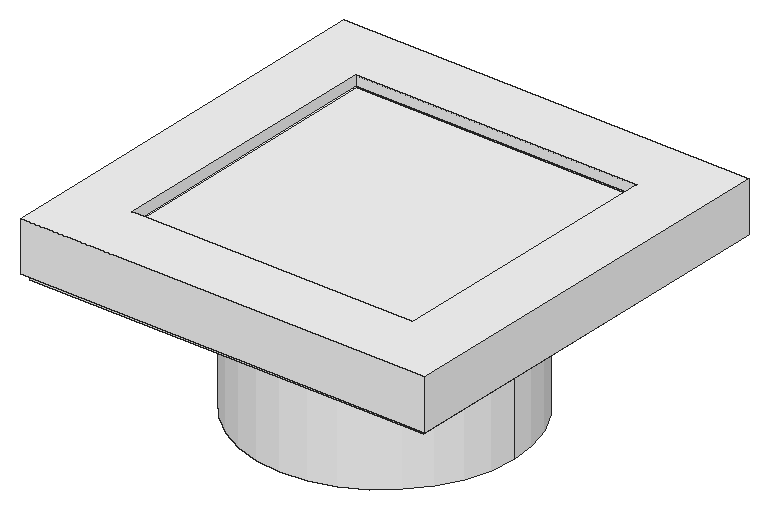
Revit family "Gira_117100", category Electrical Fixtures, host Face, Revit 2017
Family settings
  Host = Face
  Maintain Annotation Orientation = Yes
  Round Connector Dimension = Use Diameter
  Part Type = Normal
  Cut with Voids When Loaded = No
  Shared = No
  Room Calculation Point = No
Parameters (values of type "LED sig.light RD / GN System 55")
  White [instance] = White
  URL = "http://katalog.gira.de/en/datenblatt.html?artikelnr=117100"
  Type of current = "Ac"
  Name = "LED sig.light RD / GN System 55"
  Model = "Sys55_Komplettgerät_Schalten und Tasten"
  Manufacturer URL = "https://www.gira.de/"
  Manufacturer = "Gira"
  HeinzeBIM = "https://bimportal.heinze.de/bim/led-sig-light-rd-gn-system-55/be3a927e0de5b4344246961692a3164648d365d4"
  HAN = "117100"
  GTIN = "4010337049289"
  Description = "LED sig.light RD GN Sys55,LED signal light, 230 V~, red   green,,,Features:,- The signal lamp can be used for implementing easy signals for doctor's offices, conference rooms or hotel rooms, for example.,- The entire insert surface of 55 x 55 mm is divided into an upper half for the colour red and a lower half for the colour green with homogeneous illumination.,- The two halves can be activated separately, e.g. by using a series switch."
  Default Elevation = 1219.2 mm
  Data sheet (1) = "https://katalog.gira.de/en/download.html?artikelnr=117100"
  Colour of lamp hood = "Other"
  Category = "Monitored LED indicator luminaire"
  BIM (1) = "https://media.stage.bim.site/public/gira/36a6b08/Sys55_Komplettgerät_Schalten und Tasten.rfa?public/gira/36a6b08/Sys55_Komplettgerät_Schalten und Tasten.rfa"
  Available = "No"
Reference planes
  plane 1 "Center (Front/Back)": y = 0
  plane 2: z = 0
  plane 3 "Center (Left/Right)": x = 0
Forms (mm)
  Extrusion 1, solid, material "White" <- "White", detail levels medium
    sketch origin (0, 0, 0) x (1, 0, 0) y (0, 1, 0)
      loop
        line (-40.4, 40.4) -> (-40.4, -40.4) -> (40.4, -40.4) -> (40.4, 40.4) -> (-40.4, 40.4)
      loop
        line (-28, 28) -> (-28, -28) -> (28, -28) -> (28, 28) -> (-28, 28)
    from 0 to 10
  Extrusion 2, solid, material "White" <- "White", detail levels fine
    sketch origin (0, 0, 0) x (1, 0, 0) y (0, 1, 0)
      loop
        line (-40.4, 40.4) -> (-40.4, -40.4) -> (40.4, -40.4) -> (40.4, 40.4) -> (-40.4, 40.4)
      loop
        line (-28, 28) -> (-28, -28) -> (28, -28) -> (28, 28) -> (-28, 28)
    from 0 to 10
  Extrusion 3, void
    sketch origin (0, 0, 0) x (1, 0, 0) y (0, 1, 0)
      loop
        line (-38.4, 38.4) -> (-38.4, -38.4) -> (38.4, -38.4) -> (38.4, 38.4) -> (-38.4, 38.4)
    from 0 to 8
  Extrusion 4, solid, material "White" <- "White", detail levels medium+fine
    sketch origin (0, 0, 0) x (1, 0, 0) y (0, 1, 0)
      loop
        line (-39.4, 39.4) -> (-39.4, -39.4) -> (39.4, -39.4) -> (39.4, 39.4) -> (-39.4, 39.4)
    from 0 to -1
  Extrusion 5, solid, material "White" <- "White", detail levels medium+fine
    sketch origin (0, 0, 0) x (1, 0, 0) y (0, 1, 0)
      loop
        line (-35.5, 35.5) -> (-35.5, -35.5) -> (35.5, -35.5) -> (35.5, 35.5) -> (-35.5, 35.5)
    from -2 to -3
  Extrusion 6, solid, material "White" <- "White", detail levels medium+fine
    sketch origin (0, 0, 0) x (1, 0, 0) y (0, 1, 0)
      loop
        circle (0, 0) r 26
    from 0 to -27.5
  Extrusion 7, solid, material "White" <- "White", detail levels coarse
    sketch origin (0, 0, 0) x (1, 0, 0) y (0, 1, 0)
      loop
        line (-40.4, 40.4) -> (-40.4, -40.4) -> (40.4, -40.4) -> (40.4, 40.4) -> (-40.4, 40.4)
    from -27.5 to 10
Cuts and joins
  Extrusion 3 cuts Extrusion 2
Dimensions and locks
  aligned and locked: plane 2 to host face
  aligned and locked: level to host face
  aligned and locked: plane 3 "Center (Left/Right)" to nested 2
  aligned and locked: plane 1 "Center (Front/Back)" to nested 2
Nested families
  nested 1: "Sys55_Abdeckung_Schalten und Tasten_floor_base" at (0, 0, 0), type "Sys55_Abdeckung_Schalten und Tasten_floor_base"
  nested 2: "Schalter" at (0, 0, 0), type "Schalter"
Connectors
  electrical at (0, 0, -27.5)
    settings: on Extrusion 6, index 1, voltage 220 V, apparent load 0 VA, apparent load phase1 0 VA, apparent load phase2 0 VA, apparent load phase3 0 VA, power factor 1, load classification "Other", number of poles 1, system type 30, power factor state 1, is connector primary yes, connector utility no, sub classification motor no, connector description ""
Definition of nested family "Sys55_Abdeckung_Schalten und Tasten_floor_base"
  Parameters
    Default Elevation = 1219.2 mm
    White [instance] = none
  Reference planes
    plane 1 "Center (Front/Back)": y = 0
    plane 2: z = 0
    plane 3 "Center (Left/Right)": x = 0
  Forms (mm)
    Extrusion 1, solid
      sketch origin (0, 0, 0) x (1, 0, 0) y (0, 1, 0)
        loop
          line (-1219.2, 1219.2) -> (-1219.2, -1219.2) -> (1219.2, -1219.2) -> (1219.2, 1219.2) -> (-1219.2, 1219.2)
      from 0 to -304.8
    Extrusion 2, solid, material <- "White", detail levels fine
      sketch origin (0, 0, 0) x (1, 0, 0) y (0, 1, 0)
        loop
          line (-27.5, 27.5) -> (-27.5, -27.5) -> (27.5, -27.5) -> (27.5, 27.5) -> (-27.5, 27.5)
      from 0 to 8
    Extrusion 3, void
      sketch origin (0, 0, 0) x (1, 0, 0) y (0, 1, 0)
        loop
          line (26, 26) -> (-26, 26) -> (-26, -26) -> (26, -26) -> (26, 26)
      from 0 to 6
    Extrusion 4, solid, material <- "White", detail levels medium
      sketch origin (0, 0, 0) x (1, 0, 0) y (0, 1, 0)
        loop
          line (-27.5, 27.5) -> (-27.5, -27.5) -> (27.5, -27.5) -> (27.5, 27.5) -> (-27.5, 27.5)
      from 0 to 8
    Extrusion 5, solid, material <- "White", detail levels medium
      sketch origin (0, 0, 0) x (1, 0, 0) y (0, 1, 0)
        loop
          line (11, -17.5) -> (11, 17.5) -> (-11, 17.5) -> (-11, -17.5) -> (11, -17.5)
      from -6 to 6
    Extrusion 6, solid, material <- "White", detail levels fine
      sketch origin (0, 0, 0) x (1, 0, 0) y (0, 1, 0)
        loop
          line (11, 17.5) -> (-11, 17.5) -> (-11, 16.5) -> (11, 16.5) -> (11, 17.5)
        loop
          line (-11, -16.5) -> (-11, -17.5) -> (11, -17.5) -> (11, -16.5) -> (-11, -16.5)
      from -4 to 6
    Extrusion 7, solid, material <- "White", detail levels fine
      sketch origin (0, 0, 0) x (1, 0, 0) y (0, 1, 0)
        loop
          arc (5, 9.347) -> (0, 10.6) -> (-5, 9.347) r 10.6
          line (-5, 9.347) -> (-5, -9.347)
          arc (-5, -9.347) -> (0, -10.6) -> (5, -9.347) r 10.6
          line (5, -9.347) -> (5, 9.347)
      from -6 to 6
    Extrusion 8, solid, material <- "White", detail levels coarse
      sketch origin (0, 0, 0) x (1, 0, 0) y (0, 1, 0)
        loop
          line (-27.5, 27.5) -> (-27.5, -27.5) -> (27.5, -27.5) -> (27.5, 27.5) -> (-27.5, 27.5)
      from -6 to 8
  Cuts and joins
    Extrusion 3 cuts Extrusion 2
  Dimensions and locks
    aligned and locked: plane 2 to Extrusion 1
    aligned and locked: level to Extrusion 1
Definition of nested family "Schalter"
  Reference planes
    plane 1: y = 0
    plane 2: x = 0
  Lines and regions (mm)
    detail lines
      curve 1: circle (1.375, 2.778, 0) r 0.8 normal (0, 0, 1)
      curve 2: line (1.021, 2.061, 0) -> (0, 0, 0)
      curve 3: line (0, 0, 0) -> (-0.538, 0.266, 0)
  Dimensions and locks
    curve 2 to curve 2 = 2.3 mm
    curve 3 to curve 2 = 0.6 mm
    radius of curve 1 = 0.8 mm
